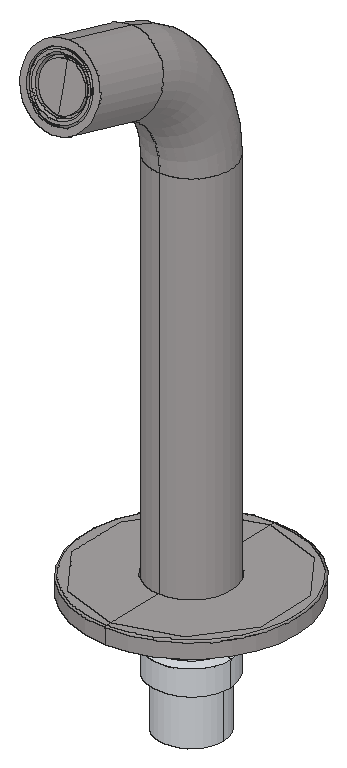
Revit family "Reece_Tap_Mizu_Drift_Outlet_Curved", category Plumbing Fixtures, host Face, Revit 2018
Family settings
  Host = Face
  Round Connector Dimension = Use Diameter
  Part Type = Normal
  Cut with Voids When Loaded = No
  Shared = Yes
  Room Calculation Point = Yes
Parameters (values of type "160 mm_Brushed Gunmetal")
  WFU = 0  # constant formula
  URL = "https://www.reece.com.au/product/-2267269"
  Type Comments = "Tap"
  Reece_Tap_Reach = 160 mm
  Reece_Tap_Inlet = 12 mm  # constant formula
  Reece_Tap_Clearance = 94 mm  # constant formula
  Reece_Product_Web Page = "https://www.reece.com.au/product/-2267269"
  Reece_Product_Type = "Tap"  # constant formula
  Reece_Product_Sub Brand = "Drift"  # constant formula
  Reece_Product_Number = "2267269"
  Reece_Product_Mount = "Wall Mounted"  # constant formula
  Reece_Product_Description = "Mizu Drift Wall Basin / Bath Outlet Curve Spout 160mm Brushed Gunmetal (6 Star)"
  Reece_Product_Brand = "Mizu"  # constant formula
  Reece_Overall_Projection [instance] = 171.5 mm
  Reece_Material_Main = Reece_Brass_Brushed Gunmetal
  Reece_Detail_Shape = "Curved"  # constant formula
  Reece_Detail_Installation = ""
  Reece_Detail_Disclaimer = "THIS FILE IS THE PROPERTY OF THE REECE GROUP. IT MAY NOT BE REPRODUCED, REVERSE-ENGINEERED, OR MODIFIED. ANY REPUBLICATION, TRANSMISSION, OR DISTRIBUTION FOR THE PURPOSE OF COMMERCIALLY EXPLOITING THE FILES IS PROHIBITED."  # constant formula
  Reece_Detail_Connector = ""
  Reece_Detail_Additional = "Basin and Bath Outlet"  # constant formula
  Reece_Base_Plate_Radius = 32.5 mm  # constant formula
  Model = "Drift"
  Manufacturer = "Mizu"
  Keynote = "Product #2267269, Reece_Tap_Mizu_Drift_Outlet_Curved - 160 mm_Brushed Gunmetal"
  HWFU = 0  # constant formula
  Disclaimer = "THIS FILE IS THE PROPERTY OF THE REECE GROUP. IT MAY NOT BE REPRODUCED, REVERSE-ENGINEERED, OR MODIFIED. ANY REPUBLICATION, TRANSMISSION, OR DISTRIBUTION FOR THE PURPOSE OF COMMERCIALLY EXPLOITING THE FILES IS PROHIBITED."  # constant formula
  Description = "Mizu Drift Wall Basin / Bath Outlet Curve Spout 160mm Brushed Gunmetal (6 Star)"
  Default Elevation = 1000 mm
  CWFU = 0  # constant formula
Types (25, lengths in mm): name | URL | Reece_Tap_Reach | Reece_Product_Web Page | Reece_Product_Number | Reece_Product_Description | Reece_Overall_Projection | Reece_Material_Main | Keynote | Description
  110 mm_Chrome | "https://www.reece.com.au/product/-2266313" | 110 | "https://www.reece.com.au/product/-2266313" | "2266313" | "Mizu Drift Wall Basin / Bath Outlet Curve Spout 110mm Chrome (6 Star)" | 121.5 | Reece_Brass_Chrome | "Product #2266313, Reece_Tap_Mizu_Drift_Outlet_Curved - 110 mm_Chrome" | "Mizu Drift Wall Basin / Bath Outlet Curve Spout 110mm Chrome (6 Star)"
  110 mm_Brushed Brass | "https://www.reece.com.au/product/-2266316" | 110 | "https://www.reece.com.au/product/-2266316" | "2266316" | "Mizu Drift Wall Basin / Bath Outlet Curve Spout 110mm Brushed Brass (6 Star)" | 121.5 | Reece_Brass_Brushed | "Product #2266316, Reece_Tap_Mizu_Drift_Outlet_Curved - 110 mm_Brushed Brass" | "Mizu Drift Wall Basin / Bath Outlet Curve Spout 110mm Brushed Brass (6 Star)"
  110 mm_Brushed Gunmetal | "https://www.reece.com.au/product/-2266317" | 110 | "https://www.reece.com.au/product/-2266317" | "2266317" | "Mizu Drift Wall Basin / Bath Outlet Curve Spout 110mm Brushed Gunmetal (6 Star)" | 121.5 | Reece_Brass_Brushed Gunmetal | "Product #2266317, Reece_Tap_Mizu_Drift_Outlet_Curved - 110 mm_Brushed Gunmetal" | "Mizu Drift Wall Basin / Bath Outlet Curve Spout 110mm Brushed Gunmetal (6 Star)"
  110 mm_Brushed Nickel | "https://www.reece.com.au/product/-2266315" | 110 | "https://www.reece.com.au/product/-2266315" | "2266315" | "Mizu Drift Wall Basin / Bath Outlet Curve Spout 110mm Brushed Nickel (6 Star)" | 121.5 | Reece_Brass_Brushed Nickel | "Product #2266315, Reece_Tap_Mizu_Drift_Outlet_Curved - 110 mm_Brushed Nickel" | "Mizu Drift Wall Basin / Bath Outlet Curve Spout 110mm Brushed Nickel (6 Star)"
  110 mm_Matte Black | "https://www.reece.com.au/product/-2266314" | 110 | "https://www.reece.com.au/product/-2266314" | "2266314" | "Mizu Drift Wall Basin / Bath Outlet Curve Spout 110mm Matte Black (6 Star)" | 121.5 | Reece_Brass_Matte Black | "Product #2266314, Reece_Tap_Mizu_Drift_Outlet_Curved - 110 mm_Matte Black" | "Mizu Drift Wall Basin / Bath Outlet Curve Spout 110mm Matte Black (6 Star)"
  160 mm_Chrome | "https://www.reece.com.au/product/-2267208" | 160 | "https://www.reece.com.au/product/-2267208" | "2267208" | "Mizu Drift Wall Basin / Bath Outlet Curve Spout 160mm Chrome (6 Star)" | 171.5 | Reece_Brass_Chrome | "Product #2267208, Reece_Tap_Mizu_Drift_Outlet_Curved - 160 mm_Chrome" | "Mizu Drift Wall Basin / Bath Outlet Curve Spout 160mm Chrome (6 Star)"
  160 mm_Brushed Brass | "https://www.reece.com.au/product/-2267289" | 160 | "https://www.reece.com.au/product/-2267289" | "2267289" | "Mizu Drift Wall Basin / Bath Outlet Curve Spout 160mm Brushed Brass (6 Star)" | 171.5 | Reece_Brass_Brushed | "Product #2267289, Reece_Tap_Mizu_Drift_Outlet_Curved - 160 mm_Brushed Brass" | "Mizu Drift Wall Basin / Bath Outlet Curve Spout 160mm Brushed Brass (6 Star)"
  160 mm_Brushed Gunmetal | "https://www.reece.com.au/product/-2267269" | 160 | "https://www.reece.com.au/product/-2267269" | "2267269" | "Mizu Drift Wall Basin / Bath Outlet Curve Spout 160mm Brushed Gunmetal (6 Star)" | 171.5 | Reece_Brass_Brushed Gunmetal | "Product #2267269, Reece_Tap_Mizu_Drift_Outlet_Curved - 160 mm_Brushed Gunmetal" | "Mizu Drift Wall Basin / Bath Outlet Curve Spout 160mm Brushed Gunmetal (6 Star)"
  160 mm_Brushed Nickel | "https://www.reece.com.au/product/-2267249" | 160 | "https://www.reece.com.au/product/-2267249" | "2267249" | "Mizu Drift Wall Basin / Bath Outlet Curve Spout 160mm Brushed Nickel (6 Star)" | 171.5 | Reece_Brass_Brushed Nickel | "Product #2267249, Reece_Tap_Mizu_Drift_Outlet_Curved - 160 mm_Brushed Nickel" | "Mizu Drift Wall Basin / Bath Outlet Curve Spout 160mm Brushed Nickel (6 Star)"
  160 mm_Matte Black | "https://www.reece.com.au/product/-2267229" | 160 | "https://www.reece.com.au/product/-2267229" | "2267229" | "Mizu Drift Wall Basin / Bath Outlet Curve Spout 160mm Matte Black (6 Star)" | 171.5 | Reece_Brass_Matte Black | "Product #2267229, Reece_Tap_Mizu_Drift_Outlet_Curved - 160 mm_Matte Black" | "Mizu Drift Wall Basin / Bath Outlet Curve Spout 160mm Matte Black (6 Star)"
  200 mm_Chrome | "https://www.reece.com.au/product/-2267209" | 200 | "https://www.reece.com.au/product/-2267209" | "2267209" | "Mizu Drift Wall Basin / Bath Outlet Curve Spout 200mm Chrome (6 Star)" | 211.5 | Reece_Brass_Chrome | "Product #2267209, Reece_Tap_Mizu_Drift_Outlet_Curved - 200 mm_Chrome" | "Mizu Drift Wall Basin / Bath Outlet Curve Spout 200mm Chrome (6 Star)"
  200 mm_Brushed Brass | "https://www.reece.com.au/product/-2267290" | 200 | "https://www.reece.com.au/product/-2267290" | "2267290" | "Mizu Drift Wall Basin / Bath Outlet Curve Spout 200mm Brushed Brass (6 Star)" | 211.5 | Reece_Brass_Brushed | "Product #2267290, Reece_Tap_Mizu_Drift_Outlet_Curved - 200 mm_Brushed Brass" | "Mizu Drift Wall Basin / Bath Outlet Curve Spout 200mm Brushed Brass (6 Star)"
  200 mm_Brushed Gunmetal | "https://www.reece.com.au/product/-2267270" | 200 | "https://www.reece.com.au/product/-2267270" | "2267270" | "Mizu Drift Wall Basin / Bath Outlet Curve Spout 200mm Brushed Gunmetal (6 Star)" | 211.5 | Reece_Brass_Brushed Gunmetal | "Product #2267270, Reece_Tap_Mizu_Drift_Outlet_Curved - 200 mm_Brushed Gunmetal" | "Mizu Drift Wall Basin / Bath Outlet Curve Spout 200mm Brushed Gunmetal (6 Star)"
  200 mm_Brushed Nickel | "https://www.reece.com.au/product/-2267250" | 200 | "https://www.reece.com.au/product/-2267250" | "2267250" | "Mizu Drift Wall Basin / Bath Outlet Curve Spout 200mm Brushed Nickel (6 Star)" | 211.5 | Reece_Brass_Brushed Nickel | "Product #2267250, Reece_Tap_Mizu_Drift_Outlet_Curved - 200 mm_Brushed Nickel" | "Mizu Drift Wall Basin / Bath Outlet Curve Spout 200mm Brushed Nickel (6 Star)"
  200 mm_Matte Black | "https://www.reece.com.au/product/-2267230" | 200 | "https://www.reece.com.au/product/-2267230" | "2267230" | "Mizu Drift Wall Basin / Bath Outlet Curve Spout 200mm Matte Black (6 Star)" | 211.5 | Reece_Brass_Matte Black | "Product #2267230, Reece_Tap_Mizu_Drift_Outlet_Curved - 200 mm_Matte Black" | "Mizu Drift Wall Basin / Bath Outlet Curve Spout 200mm Matte Black (6 Star)"
  250 mm_Chrome | "https://www.reece.com.au/product/-2267210" | 250 | "https://www.reece.com.au/product/-2267210" | "2267210" | "Mizu Drift Wall Basin / Bath Outlet Curve Spout 250mm Chrome (6 Star)" | 261.5 | Reece_Brass_Chrome | "Product #2267210, Reece_Tap_Mizu_Drift_Outlet_Curved - 250 mm_Chrome" | "Mizu Drift Wall Basin / Bath Outlet Curve Spout 250mm Chrome (6 Star)"
  250 mm_Brushed Brass | "https://www.reece.com.au/product/-2267291" | 250 | "https://www.reece.com.au/product/-2267291" | "2267291" | "Mizu Drift Wall Basin / Bath Outlet Curve Spout 250mm Brushed Brass (6 Star)" | 261.5 | Reece_Brass_Brushed | "Product #2267291, Reece_Tap_Mizu_Drift_Outlet_Curved - 250 mm_Brushed Brass" | "Mizu Drift Wall Basin / Bath Outlet Curve Spout 250mm Brushed Brass (6 Star)"
  250 mm_Brushed Gunmetal | "https://www.reece.com.au/product/-2267271" | 250 | "https://www.reece.com.au/product/-2267271" | "2267271" | "Mizu Drift Wall Basin / Bath Outlet Curve Spout 250mm Brushed Gunmetal (6 Star)" | 261.5 | Reece_Brass_Brushed Gunmetal | "Product #2267271, Reece_Tap_Mizu_Drift_Outlet_Curved - 250 mm_Brushed Gunmetal" | "Mizu Drift Wall Basin / Bath Outlet Curve Spout 250mm Brushed Gunmetal (6 Star)"
  250 mm_Brushed Nickel | "https://www.reece.com.au/product/-2267251" | 250 | "https://www.reece.com.au/product/-2267251" | "2267251" | "Mizu Drift Wall Basin / Bath Outlet Curve Spout 250mm Brushed Nickel (6 Star)" | 261.5 | Reece_Brass_Brushed Nickel | "Product #2267251, Reece_Tap_Mizu_Drift_Outlet_Curved - 250 mm_Brushed Nickel" | "Mizu Drift Wall Basin / Bath Outlet Curve Spout 250mm Brushed Nickel (6 Star)"
  250 mm_Matte Black | "https://www.reece.com.au/product/-2267231" | 250 | "https://www.reece.com.au/product/-2267231" | "2267231" | "Mizu Drift Wall Basin / Bath Outlet Curve Spout 250mm Matte Black (6 Star)" | 261.5 | Reece_Brass_Matte Black | "Product #2267231, Reece_Tap_Mizu_Drift_Outlet_Curved - 250 mm_Matte Black" | "Mizu Drift Wall Basin / Bath Outlet Curve Spout 250mm Matte Black (6 Star)"
  300 mm_Chrome | "https://www.reece.com.au/product/-2267211" | 300 | "https://www.reece.com.au/product/-2267211" | "2267211" | "Mizu Drift Wall Basin / Bath Outlet Curve Spout 300mm Chrome (6 Star)" | 311.5 | Reece_Brass_Chrome | "Product #2267211, Reece_Tap_Mizu_Drift_Outlet_Curved - 300 mm_Chrome" | "Mizu Drift Wall Basin / Bath Outlet Curve Spout 300mm Chrome (6 Star)"
  300 mm_Brushed Brass | "https://www.reece.com.au/product/-2267292" | 300 | "https://www.reece.com.au/product/-2267292" | "2267292" | "Mizu Drift Wall Basin / Bath Outlet Curve Spout 300mm Brushed Brass (6 Star)" | 311.5 | Reece_Brass_Brushed | "Product #2267292, Reece_Tap_Mizu_Drift_Outlet_Curved - 300 mm_Brushed Brass" | "Mizu Drift Wall Basin / Bath Outlet Curve Spout 300mm Brushed Brass (6 Star)"
  300 mm_Brushed Gunmetal | "https://www.reece.com.au/product/-2267272" | 300 | "https://www.reece.com.au/product/-2267272" | "2267272" | "Mizu Drift Wall Basin / Bath Outlet Curve Spout 300mm Brushed Gunmetal (6 Star)" | 311.5 | Reece_Brass_Brushed Gunmetal | "Product #2267272, Reece_Tap_Mizu_Drift_Outlet_Curved - 300 mm_Brushed Gunmetal" | "Mizu Drift Wall Basin / Bath Outlet Curve Spout 300mm Brushed Gunmetal (6 Star)"
  300 mm_Brushed Nickel | "https://www.reece.com.au/product/-2267252" | 300 | "https://www.reece.com.au/product/-2267252" | "2267252" | "Mizu Drift Wall Basin / Bath Outlet Curve Spout 300mm Brushed Nickel (6 Star)" | 311.5 | Reece_Brass_Brushed Nickel | "Product #2267252, Reece_Tap_Mizu_Drift_Outlet_Curved - 300 mm_Brushed Nickel" | "Mizu Drift Wall Basin / Bath Outlet Curve Spout 300mm Brushed Nickel (6 Star)"
  300 mm_Matte Black | "https://www.reece.com.au/product/-2267232" | 300 | "https://www.reece.com.au/product/-2267232" | "2267232" | "Mizu Drift Wall Basin / Bath Outlet Curve Spout 300mm Matte Black (6 Star)" | 311.5 | Reece_Brass_Matte Black | "Product #2267232, Reece_Tap_Mizu_Drift_Outlet_Curved - 300 mm_Matte Black" | "Mizu Drift Wall Basin / Bath Outlet Curve Spout 300mm Matte Black (6 Star)"
Reference planes
  plane 1 "Center (Front/Back)": y = 0
  plane 2 "Bottom": z = 0
  plane 3 "Center (Left/Right)": x = 0
  plane 4: z = 5
  plane 5: y = 32.5
  plane 6: y = -53
  plane 7: z = 160
  plane 8: z = 171.5
  plane 9: y = -49.894
Forms (mm)
  Revolve 1, solid, material "Reece_Brass_Brushed Gunmetal" <- "Reece_Material_Main"
    sketch origin (0, 0, 23) x (0, 1, 0) y (0, 0, 1)
      loop
        line (30.5, -18) -> (12.5, -18) -> (12.5, -20.954) -> (30.5, -20.954) -> (30.5, -23) -> (32.5, -23) -> (32.5, -18.5)
        arc (32.5, -18.5) -> (32.354, -18.146) -> (32, -18) r 0.5
        line (32, -18) -> (30.5, -18)
      axis (0, -18) -> (0, -23)
    angle from 0 to 360
  Revolve 2, void
    sketch origin (0, 0, 39.453) x (0, 1, 0) y (0, 0, 1)
      loop
        line (-14, -39.453) -> (-14, -79.453) -> (0, -79.453) -> (0, -39.453) -> (-14, -39.453)
      axis (0, -39.453) -> (0, -79.453)
    angle from 0 to 360
  Revolve 3, void
    sketch origin (0, -360.841, 88.823) x (0, 0.139173, -0.990268) y (0, 0.990268, 0.139173)
      loop
        line (-32.917, 322.42) -> (-33.653, 322.732) -> (-34.181, 321.49) -> (-35.031, 321.147) -> (-35.758, 321.455) -> (-36.136, 322.389) -> (-37.69, 318.727) -> (-28.485, 314.82) -> (-26.9, 318.553) -> (-33.389, 321.308) -> (-32.917, 322.42)
      axis (-28.485, 314.82) -> (-26.428, 319.665)
    angle from 0 to 360
  Sweep 4, solid, material "Reece_Brass_Brushed Gunmetal" <- "Reece_Material_Main"
    path origin (50, 0, 0) x (0, 1, 0) y (0, 0, 1)
      loop
        line (-49.894, 160) -> (-25.941, 153.582)
        arc (-25.941, 153.582) -> (-7.233, 141.081) -> (0, 119.774) r 35
        line (0, 119.774) -> (0, 0)
    profile origin (50, -37.918, 156.791) x (0, 0.258819, 0.965926) y (1, 0, 0)
      loop
        circle (0, -50) r 12
  Revolve 5, solid
    sketch origin (0, 0, 0) x (1, 0, 0) y (0, 0, 1)
      loop
        line (7.924, 0) -> (7.924, -36.978) -> (10.006, -36.978) -> (10.006, -21.713) -> (12, -21.713) -> (12, -14.213) -> (10.006, -13.062) -> (10.006, -10) -> (11.094, -10) -> (11.622, -9.085) -> (11.097, -8.176) -> (11.622, -7.268) -> (11.097, -6.359) -> (11.622, -5.451) -> (11.097, -4.542) -> (11.622, -3.634) -> (11.097, -2.725) -> (11.622, -1.817) -> (11.097, -0.908) -> (11.622, 0) -> (7.924, 0)
      axis (0, 0) -> (0, -36.978)
    angle from 0 to 360
Cuts and joins
  Revolve 3 cuts Sweep 4
Lines and regions (mm)
  symbolic lines
    curve 1: line (75, 0, 0) -> (0, 0, 0)
Text (mm)
  text "Reece Copyright © 2018, Reece Ltd." at (-1403.988, -1192.393, 0), in view "Ref. Level"
  text "Reece ©" at (44.384, 258.95, 192.345), in view "Reece Preview"
Dimensions and locks
  "Reece_Base_Plate_Radius": Revolve 1 sketch curve to Revolve 1 sketch curve
  Revolve 2 sketch curve to Revolve 2 sketch curve = 14 mm
  locked: Revolve 1 sketch curve to Revolve 1 sketch curve at 2
  Revolve 1 sketch curve to Revolve 1 sketch curve = 5 mm
  plane 7 to Sweep 4 sketch curve to Sweep 4 sketch curve = 6.418 mm locked, 33.807 mm locked
  locked: plane 8 to plane 7 at 11.5
  locked: plane 9 to plane 6 at 3.106
  Revolve 3 sketch curve to Revolve 3 sketch curve to Revolve 3 sketch curve to Revolve 3 sketch curve to Revolve 3 sketch curve to Revolve 3 sketch curve to Revolve 3 sketch curve to Revolve 3 sketch curve to Revolve 3 sketch curve to plane 7 to Revolve 3 sketch curve = 1.03 mm locked, 0.504 mm locked, 0.763 mm locked, 0.794 mm locked, 0.349 mm locked, 0.46 mm locked, 0.313 mm locked, 5.447 mm locked, 0.845 mm locked, 0.204 mm locked
  equal spacing: Revolve 1 sketch curve, Revolve 1 sketch curve, Revolve 1 sketch curve
  "Reece_Tap_Reach": plane 7 to plane 2 "Bottom"
  "Reece_Overall_Projection": plane 8 to plane 2 "Bottom"
  plane 4 to host face = 5 mm
  locked: plane 7 to Revolve 3 sketch curve (angle 15.00°)
  angle plane 7 to cut or joined group of Revolve 3, Sweep 4 = 105.00°
  aligned and locked: plane 2 "Bottom" to host face
  aligned and locked: level to host face
  aligned and locked: Revolve 2 sketch curve to Revolve 2 sketch curve
  aligned and locked: plane 7 to Sweep 4 sketch curve
  aligned and locked: plane 9 to Sweep 4 sketch curve
  aligned and locked: Revolve 1 sketch curve to plane 2 "Bottom"
Automatic sketch dimensions
  curve 1 to curve 1 = 75 mm
  plane 1 "Center (Front/Back)" to curve 1 = 0 mm
  curve 1 to plane 3 "Center (Left/Right)" = 0 mm
  plane 3 "Center (Left/Right)" to curve 1 = 75 mm
  host sketch curve to host sketch curve = 380.785 mm
  host sketch curve to host sketch curve = 317.421 mm
  level to Revolve 2 sketch curve = 0 mm
  Revolve 2 sketch curve to plane 1 "Center (Front/Back)" = 0 mm
  Revolve 2 sketch curve to level = 40 mm
  Revolve 2 sketch curve to Revolve 2 sketch curve = 261.356 mm
  Revolve 2 sketch curve to Revolve 2 sketch curve = 2192.687 mm
  Revolve 3 sketch curve to Revolve 3 sketch curve = 0.344 mm
  Revolve 3 sketch curve to Revolve 3 sketch curve = 0.309 mm
  Revolve 3 sketch curve to Revolve 3 sketch curve = 3.29 mm
  Revolve 3 sketch curve to Revolve 3 sketch curve = 7.751 mm
  level to Sweep 4 sketch curve = 0 mm
  Sweep 4 sketch curve to plane 1 "Center (Front/Back)" = 0 mm
  Sweep 4 sketch curve to profile plane = 0 mm
  Sweep 4 sketch curve to profile plane = 50 mm
  plane 6 to Revolve 3 sketch curve = 2.539 mm
  plane 1 "Center (Front/Back)" to Sweep 4 sketch curve = 25.941 mm
  Revolve 3 sketch curve to Revolve 3 sketch curve = 0.174 mm
  Revolve 5 sketch curve to plane 3 "Center (Left/Right)" = 0 mm
  Revolve 5 sketch curve to level = 0 mm  (x2)
  plane 3 "Center (Left/Right)" to Revolve 5 sketch curve = 7.924 mm
  plane 3 "Center (Left/Right)" to Revolve 5 sketch curve = 10.006 mm
  Revolve 5 sketch curve to Revolve 5 sketch curve = 0 mm  (x4)
  Revolve 5 sketch curve to Revolve 5 sketch curve = 1.088 mm
  Revolve 5 sketch curve to Revolve 5 sketch curve = 0.004 mm
  Revolve 5 sketch curve to level = 4.542 mm
  Revolve 5 sketch curve to level = 0.908 mm
  Revolve 5 sketch curve to Revolve 5 sketch curve = 3.174 mm
  Revolve 5 sketch curve to level = 2.725 mm
  Revolve 5 sketch curve to Revolve 5 sketch curve = 0.525 mm  (x6)
  Revolve 5 sketch curve to level = 1.817 mm
  Revolve 5 sketch curve to level = 3.634 mm
  Revolve 5 sketch curve to level = 5.451 mm
  Revolve 5 sketch curve to Revolve 5 sketch curve = 1.994 mm
  Revolve 5 sketch curve to Revolve 5 sketch curve = 0.908 mm  (x4)
  Revolve 5 sketch curve to Revolve 5 sketch curve = 0.915 mm
  Revolve 5 sketch curve to Revolve 5 sketch curve = 3.062 mm
  Revolve 5 sketch curve to Revolve 5 sketch curve = 1.151 mm
  Revolve 5 sketch curve to Revolve 5 sketch curve = 7.5 mm
  Revolve 5 sketch curve to Revolve 5 sketch curve = 15.265 mm
  Revolve 5 sketch curve to Revolve 5 sketch curve = 5.594 mm
  Revolve 1 sketch curve to plane 1 "Center (Front/Back)" = 0 mm
  Revolve 1 sketch curve to plane 1 "Center (Front/Back)" = 12.5 mm
  Revolve 1 sketch curve to plane 5 = 2 mm
  Revolve 1 sketch curve to Revolve 1 sketch curve = 0.5 mm
  level to Revolve 1 sketch curve = 2.046 mm
  Revolve 1 sketch curve to level = 317.81 mm
  plane 8 to Revolve 1 sketch curve = 445.944 mm
  radius of Sweep 4 sketch curve = 12 mm
Connectors
  piping at (0, 0, -36.978), diameter 12, driven by "Reece_Tap_Inlet"
    settings: on Revolve 5, index 1, connector inside diameter 609.6 mm, connector length 0 mm, flow factor 0, pipe flow 0.0 L/s, pressure drop 0.0 Pa, fitting loss kfactor 0, connector angle 0.00°, fixture units 0, engagement length 0 mm, angle of deflection 0.00°, flow configuration 0, flow direction 1, fitting loss method 0, system type 29, joint type 0, gender type 0, connector reference index -1, connector utility 0, adjustable connector no, is connector primary yes, connector description ""
